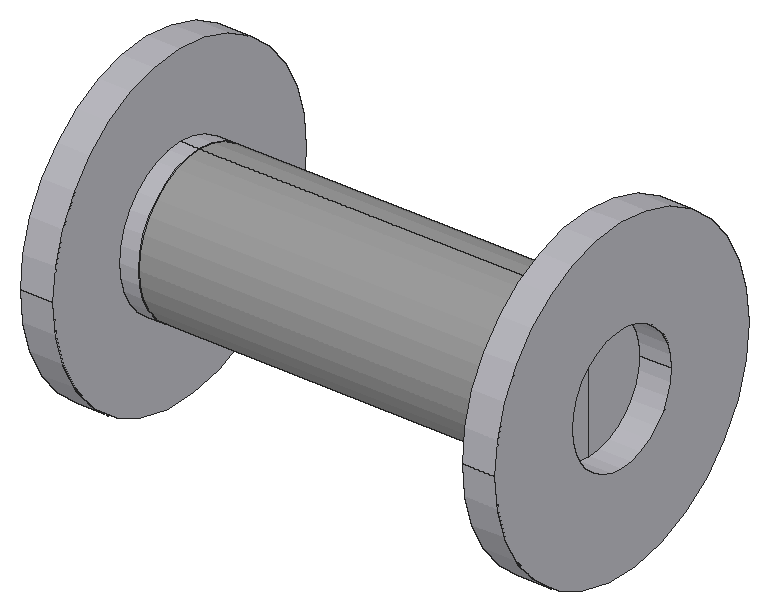
Revit family "30F Flex Connector", category Pipe Accessories, Revit 2018
Family settings
  Round Connector Dimension = Use Diameter
  Part Type = Valve - Breaks Into
  Work Plane-Based = No
  Always vertical = Yes
  Cut with Voids When Loaded = No
  Shared = No
Parameters (values of type "30F Flex Connector")
  void1 [instance] = 0.02054"
  pipe radius [instance] = Pipe Diameter / 2  # 1.1875"
  Weight [instance] = size_lookup(LookupTable, "Weight", "NA", Nominal Diameter)  # "12 lbs."
  URL = "http://www.fnw.com"
  Standards Lookup Table = "Standards"  # constant formula
  R2 [instance] = size_lookup(LookupTable, "R2", 0.000", Nominal Diameter)  # 1.4375"
  R1 [instance] = size_lookup(LookupTable, "R1", 0.000", Nominal Diameter)  # 3.000"
  Product ID [instance] = size_lookup(LookupTable, "ProductID", "NA", Nominal Diameter)  # "2168667"
  Pipe Diameter [instance] = size_lookup(Standards Lookup Table, "pipe_dia", 0.000", Nominal Diameter)  # 2.375"
  Part Number [instance] = size_lookup(LookupTable, "PartNumber", "NA", Nominal Diameter)  # "FNW30FK"
  Nominal Diameter [instance] = 2"
  LookupTable = "30F Flex Connector"  # constant formula
  L3 [instance] = size_lookup(LookupTable, "L3", 0.000", Nominal Diameter)  # 0.620"
  L2 [instance] = size_lookup(LookupTable, "L2", 0.000", Nominal Diameter)  # 7.016"
  L1 [instance] = size_lookup(LookupTable, "L1", 0.000", Nominal Diameter)  # 9.000"
  Description BOM [instance] = size_lookup(LookupTable, "Description_BOM", "NA", Nominal Diameter)  # "2 X 9 Stainless Steel Flange Flexible Connector"
Reference planes (in)
  plane 1 "Center (Front/Back)": y = 0
  plane 2: z = 0
  plane 3 "Center (Left/Right)": x = 0
  plane 4: z = 1.1875
  plane 5: x = -4.5
  plane 6: x = 4.5
  plane 7: z = 3
  plane 8: x = -3.88
  plane 9: x = 3.88
  plane 10: x = -3.508
  plane 11: x = 3.508
  plane 12: z = 1.4375
Forms (in)
  Extrusion 1, solid, material "Steel, Stainless"
    sketch origin (0, 0, 0) x (0, 1, 0) y (0, 0, 1)
      loop
        circle (0, 0) r 1.1875
      loop
        circle (0, 0) r 3
    from -4.5 to -3.88
  Extrusion 2, solid, material "Steel, Stainless"
    sketch origin (0, 0, 0) x (0, 1, 0) y (0, 0, -1)
      loop
        circle (0, 0) r 1.1875
      loop
        circle (0, 0) r 3
    from -4.5 to -3.88
  Revolve 3, solid, material "Braid"
    sketch origin (0, 0, 0) x (1, 0, 0) y (0, 0, 1)
      loop
        line (-3.508, 1.4375) -> (-3.508, 0) -> (3.508, 0) -> (3.508, 1.4375) -> (-3.508, 1.4375)
      axis (-3.508, 0) -> (3.508, 0)
    angle from 0 to 360
  Revolve 4, solid, material "Steel, Stainless"
    sketch origin (0, 0, 0) x (1, 0, 0) y (0, 0, 1)
      loop
        line (-3.88, 1.4375) -> (-3.88, 0) -> (-3.508, 0) -> (-3.508, 1.4375) -> (-3.88, 1.4375)
      loop
        line (3.508, 1.4375) -> (3.508, 0) -> (3.88, 0) -> (3.88, 1.4375) -> (3.508, 1.4375)
      axis (-3.88, 0) -> (3.88, 0)
    angle from 0 to 360
Text (in)
  text "2\" shown" at (6.42733, 0, -3.28939), in view "Front"
Dimensions and locks (in)
  equal spacing: plane 6, plane 3 "Center (Left/Right)", plane 5
  "L1": plane 6 to plane 5
  "pipe radius": plane 4 to plane 2
  "R1": plane 7 to plane 2
  "L3": plane 8 to plane 5
  "L3": plane 6 to plane 9
  equal spacing: plane 11, plane 3 "Center (Left/Right)", plane 10
  "L2": plane 10 to plane 11
  "R2": plane 12 to plane 2
  "pipe radius": radius of Extrusion 1 sketch curve
  "R1": radius of Extrusion 1 sketch curve
  "pipe radius": radius of Extrusion 2 sketch curve
  "R1": radius of Extrusion 2 sketch curve
  aligned and locked: plane 2 to level
  aligned and locked: Extrusion 1 to plane 5
  aligned and locked: plane 8 to Extrusion 1
  aligned and locked: plane 6 to Extrusion 2
  aligned and locked: Extrusion 2 to plane 9
  aligned and locked: Revolve 3 sketch curve to plane 12
  aligned and locked: plane 10 to Revolve 3 sketch curve
  aligned and locked: plane 2 to Revolve 3 sketch curve
  aligned and locked: plane 11 to Revolve 3 sketch curve
  aligned and locked: Revolve 4 sketch curve to plane 12  (x2)
  aligned and locked: Extrusion 1 to Revolve 4 sketch curve
  aligned and locked: Revolve 4 sketch curve to plane 10
  aligned and locked: Revolve 4 sketch curve to plane 11
  aligned and locked: Extrusion 2 to Revolve 4 sketch curve
  aligned and locked: plane 2 to Revolve 4 sketch curve  (x2)
Automatic sketch dimensions
  Revolve 3 sketch curve to level = 0.000"
  Revolve 3 sketch curve to Revolve 3 sketch curve = 1.61154"
  plane 3 "Center (Left/Right)" to Revolve 3 sketch curve = 1.11097"
  Revolve 4 sketch curve to level = 0.000"
  Revolve 4 sketch curve to Revolve 4 sketch curve = 1.250"
  plane 3 "Center (Left/Right)" to Revolve 4 sketch curve = 0.99943"
  Extrusion 1 sketch curve to Extrusion 1 sketch curve = 0.000"  (x2)
  Extrusion 1 sketch curve to level = 0.000"
  Extrusion 1 sketch curve to plane 1 "Center (Front/Back)" = 0.000"
  Extrusion 2 sketch curve to Extrusion 2 sketch curve = 0.000"  (x2)
  Extrusion 2 sketch curve to level = 0.000"
  Extrusion 2 sketch curve to plane 1 "Center (Front/Back)" = 0.000"
Connectors (in)
  piping at (-4.5, 0, 0), diameter 2, driven by "Nominal Diameter"
    settings: on Extrusion 1, index 1, connector inside diameter 24", connector length 0.000", flow factor 0, pipe flow 0 GPM, pressure drop 0.00 psi, fitting loss kfactor 0, connector angle 0.00°, fixture units 0, engagement length 0.000", angle of deflection 0.00°, flow configuration 0, flow direction 0, fitting loss method 0, system type 29, joint type 0, gender type 0, connector reference index -1, connector utility 0, adjustable connector no, is connector primary yes, connector description ""
  piping at (4.5, 0, 0), diameter 2, driven by "Nominal Diameter"
    settings: on Extrusion 2, index 2, connector inside diameter 24", connector length 0.000", flow factor 0, pipe flow 0 GPM, pressure drop 0.00 psi, fitting loss kfactor 0, connector angle 0.00°, fixture units 0, engagement length 0.000", angle of deflection 0.00°, flow configuration 0, flow direction 0, fitting loss method 0, system type 29, joint type 0, gender type 0, connector reference index -1, connector utility 0, adjustable connector no, is connector primary no, connector description ""
